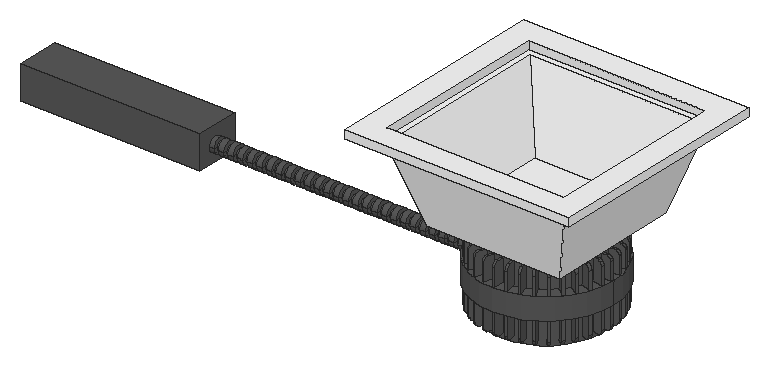
Revit family "LBRP-M-LSHL-6SQD", category Lighting Fixtures, host Face, Revit 2021
Family settings
  Host = Face
  Round Connector Dimension = Use Diameter
  Part Type = Normal
  OmniClass Number = 23.80.70.11.14.17
  OmniClass Title = Direct/Indirect
  Cut with Voids When Loaded = No
  Light Source = Yes
  Shared = Yes
  Room Calculation Point = No
Parameters (values of type "LBRP-M-LSHL-6SQD")
  Heat Sink = Black
  A = 5.65"
  Wattage = 31.6 W
  Warranty = "5-Years Warranty"
  built-in parameter 1150110 = 1 (stored number, unit not read)
  Voltage = 120 V
  D = 6.09"
  C = 0.20"
  built-in parameter 1114217 = 1 (stored number, unit not read)
  Tilt Angle = -90.00°
  built-in parameter 1150109 = 1 (stored number, unit not read)
  built-in parameter 1150134 = (empty or 0)
  built-in parameter 1150113 = 1 (stored number, unit not read)
  Product Documentation Link = ""
  Power Factor = 0.9
  Photometric Web Link = ""
  Photometric Web File = "LBRP-M-LSHL30K9_LBRP-6SQD-T-D_3000lm.ies"
  Photometric Notes = "More IES files download on Photometric Web Link"  # constant formula
  zz Length 1 = 48.00"
  Wattage Comments = " 9.6 - 55 W"  # constant formula
  URL = "https://www.currentlighting.com/prescolite"
  Product Page URL = ""
  Model = "LBRP-M-LSHL-6SQD"  # constant formula
  Manufacturer = "Prescolite Lighting"  # constant formula
  built-in parameter 1150105 = 251.46 (stored number, unit not read)
  Lumens = 3160 lm
  built-in parameter 1150115 = 1 (stored number, unit not read)
  Load Classification = Lighting
  built-in parameter 1150137 = (empty or 0)
  built-in parameter 1150139 = (empty or 0)
  built-in parameter 1150112 = 1 (stored number, unit not read)
  built-in parameter 1150114 = 1 (stored number, unit not read)
  Lamp = "LED's"  # constant formula
  built-in parameter 1150132 = (empty or 0)
  built-in parameter 1150102 = (empty or 0)
  built-in parameter 1150107 = 3000 (stored number, unit not read)
  built-in parameter 1150138 = (empty or 0)
  built-in parameter 1150106 = 2.5146 (stored number, unit not read)
  Glass = White Glass
  built-in parameter 1150104 = 9.2903 (stored number, unit not read)
  Dimming Lamp Color Temperature Shift = <None>
  Description = "PRO CANLESS DIRECT INSTALL DOWNLIGHT\r"  # constant formula
  Default Elevation = 48.00"
  Contact Us = ""
  Color Filter = 16777215
  built-in parameter 1114218 = 1 (stored number, unit not read)
  Housing Material = Paint - Matte White
  B = 7.50"
  built-in parameter 1150133 = 10 (stored number, unit not read)
  Assembly Code = "D5020200"
  Apparent Load = 11.5 VA
Reference planes (in)
  plane 1 "Center (Front/Back)": y = 13.01342
  plane 2: z = 0
  plane 3 "Center (Left/Right)": x = 0
  plane 4: z = 0.44
  plane 5: z = -5.65
  plane 6: y = 16.87342
  plane 7: y = 9.15342
  plane 8: x = -3.86
  plane 9: x = 3.86
  plane 10: x = -3.05
  plane 11: x = 3.05
  plane 12: y = 16.06342
  plane 13: y = 9.96342
Forms (in)
  Revolve 1, solid, material "Black" <- "Heat Sink"
    sketch origin (0, 13.01342, 0) x (1, 0, 0) y (0, 0, 1)
      loop
        line (1.91208, -2.84783) -> (0.86374, -2.84783) -> (0, -2.84783) -> (0, -5.65) -> (1.91208, -5.65) -> (1.91208, -4.66486) -> (2.31833, -4.66486) -> (2.31833, -3.91486) -> (1.91208, -3.91486) -> (1.91208, -2.84783)
      axis (0, -2.84783) -> (0, -5.65)
    angle from 0 to 360
  Extrusion 2, solid, material "Black" <- "Heat Sink"
    sketch origin (-0.23437, 13.01342, 0) x (1, 0, 0) y (0, 0, 1)
      loop
        line (2.13083, -3.91486) -> (2.50583, -3.91486) -> (2.50583, -3.32939)
        arc (2.50583, -3.32939) -> (2.45764, -3.21305) -> (2.3413, -3.16486) r 0.16453
        line (2.3413, -3.16486) -> (2.13083, -3.16486) -> (2.13083, -3.91486)
      loop
        line (2.13083, -4.66434) -> (2.13083, -5.47684) -> (2.3413, -5.47684)
        arc (2.3413, -5.47684) -> (2.45764, -5.42865) -> (2.50583, -5.31231) r 0.16453
        line (2.50583, -5.31231) -> (2.50583, -4.66434) -> (2.13083, -4.66434)
    from -0.0248 to 0.04965
  Revolve 3, solid, material "Black" <- "Heat Sink"
    sketch origin (1.75, 0, -4.5) x (1, 0, 0) y (0, 1, 0)
      loop
        line (-13.15674, 13.01342) -> (-3.63494, 13.01342) -> (-3.63494, 13.16148) -> (-3.73144, 13.16148) -> (-3.73144, 13.26342) -> (-3.9192, 13.26342) -> (-3.9192, 13.16148) -> (-4.06136, 13.16148) -> (-4.06136, 13.26342) -> (-4.24911, 13.26342) -> (-4.24911, 13.16148) -> (-4.39127, 13.16148) -> (-4.39127, 13.26342) -> (-4.57902, 13.26342) -> (-4.57902, 13.16148) -> (-4.72118, 13.16148) -> (-4.72118, 13.26342) -> (-4.90894, 13.26342) -> (-4.90894, 13.16148) -> (-5.05109, 13.16148) -> (-5.05109, 13.26342) -> (-5.23885, 13.26342) -> (-5.23885, 13.16148) -> (-5.38101, 13.16148) -> (-5.38101, 13.26342) -> (-5.56876, 13.26342) -> (-5.56876, 13.16148) -> (-5.71092, 13.16148) -> (-5.71092, 13.26342) -> (-5.89867, 13.26342) -> (-5.89867, 13.16148) -> (-6.04083, 13.16148) -> (-6.04083, 13.26342) -> (-6.22859, 13.26342) -> (-6.22859, 13.16148) -> (-6.37074, 13.16148) -> (-6.37074, 13.26342) -> (-6.5585, 13.26342) -> (-6.5585, 13.16148) -> (-6.70065, 13.16148) -> (-6.70065, 13.26342) -> (-6.88841, 13.26342) -> (-6.88841, 13.16148) -> (-7.03057, 13.16148) -> (-7.03057, 13.26342) -> (-7.21832, 13.26342) -> (-7.21832, 13.16148) -> (-7.36048, 13.16148) -> (-7.36048, 13.26342) -> (-7.54823, 13.26342) -> (-7.54823, 13.16148) -> (-7.69039, 13.16148) -> (-7.69039, 13.26342) -> (-7.87815, 13.26342) -> (-7.87815, 13.16148) -> (-8.0203, 13.16148) -> (-8.0203, 13.26342) -> (-8.20806, 13.26342) -> (-8.20806, 13.16148) -> (-8.35021, 13.16148) -> (-8.35021, 13.26342) -> (-8.53797, 13.26342) -> (-8.53797, 13.16148) -> (-8.68013, 13.16148) -> (-8.68013, 13.26342) -> (-8.86788, 13.26342) -> (-8.86788, 13.16148) -> (-9.01004, 13.16148) -> (-9.01004, 13.26342) -> (-9.19779, 13.26342) -> (-9.19779, 13.16148) -> (-9.33995, 13.16148) -> (-9.33995, 13.26342) -> (-9.52771, 13.26342) -> (-9.52771, 13.16148) -> (-9.66986, 13.16148) -> (-9.66986, 13.26342) -> (-9.85762, 13.26342) -> (-9.85762, 13.16148) -> (-9.99977, 13.16148) -> (-9.99977, 13.26342) -> (-10.18753, 13.26342) -> (-10.18753, 13.16148) -> (-10.32969, 13.16148) -> (-10.32969, 13.26342) -> (-10.51744, 13.26342) -> (-10.51744, 13.16148) -> (-10.6596, 13.16148) -> (-10.6596, 13.26342) -> (-10.84735, 13.26342) -> (-10.84735, 13.16148) -> (-10.98951, 13.16148) -> (-10.98951, 13.26342) -> (-11.17727, 13.26342) -> (-11.17727, 13.16148) -> (-11.31942, 13.16148) -> (-11.31942, 13.26342) -> (-11.50718, 13.26342) -> (-11.50718, 13.16148) -> (-11.64933, 13.16148) -> (-11.64933, 13.26342) -> (-11.83709, 13.26342) -> (-11.83709, 13.16148) -> (-11.97925, 13.16148) -> (-11.97925, 13.26342) -> (-12.167, 13.26342) -> (-12.167, 13.16148) -> (-12.30916, 13.16148) -> (-12.30916, 13.26342) -> (-12.49691, 13.26342) -> (-12.49691, 13.16148) -> (-12.63907, 13.16148) -> (-12.63907, 13.26342) -> (-12.82683, 13.26342) -> (-12.82683, 13.16148) -> (-12.96898, 13.16148) -> (-12.96898, 13.26342) -> (-13.15674, 13.26342) -> (-13.15674, 13.01342)
      axis (-3.63494, 13.01342) -> (-13.15674, 13.01342)
    angle from 0 to 360
  Extrusion 4, solid, material "Black" <- "Heat Sink"
    sketch origin (1.80079, 0, -5.07) x (1, 0, 0) y (0, 1, 0)
      loop
        line (-13.20752, 13.86765) -> (-19.37752, 13.86765) -> (-19.37752, 12.36765) -> (-13.20752, 12.36765) -> (-13.20752, 13.86765)
    from 0 to 1.14
  Extrusion 5, solid, material "Paint - Matte White"
    sketch origin (0, 0, 0) x (1, 0, 0) y (0, 1, 0)
      loop
        line (-3.86, 16.87342) -> (-3.86, 9.15342) -> (3.86, 9.15342) -> (3.86, 16.87342) -> (-3.86, 16.87342)
      loop
        line (-3.05, 16.06342) -> (-3.05, 9.96342) -> (3.05, 9.96342) -> (3.05, 16.06342) -> (-3.05, 16.06342)
    from 0 to 0.2516
  Extrusion 6, solid, material "Paint - Matte White"
    sketch origin (0, 0, 0) x (1, 0, 0) y (0, 1, 0)
      loop
        line (-3.05, 16.06342) -> (-3.05, 9.96342) -> (3.05, 9.96342) -> (3.05, 16.06342) -> (-3.05, 16.06342)
      loop
        line (-3.15, 16.16342) -> (-3.15, 9.86342) -> (3.15, 9.86342) -> (3.15, 16.16342) -> (-3.15, 16.16342)
    from 0.2516 to -0.40324
  Blend 7, solid, material "Paint - Matte White" <- "Housing Material"
    base sketch origin (0, 0, 0) x (1, 0, 0) y (0, 1, 0)
      loop
        line (-3.15, 16.16342) -> (-3.15, 9.86342) -> (3.15, 9.86342) -> (3.15, 16.16342) -> (-3.15, 16.16342)
    top sketch origin (0, 0, 0) x (1, 0, 0) y (0, 1, 0)
      loop
        line (-2.2841, 15.29162) -> (-2.2841, 10.72701) -> (2.2805, 10.72701) -> (2.2805, 15.29162) -> (-2.2841, 15.29162)
    from 0 to -2.84783
  Blend 8, void
    base sketch origin (0, 0, 0) x (1, 0, 0) y (0, 1, 0)
      loop
        line (-2.913, 15.92642) -> (-2.913, 10.14826) -> (2.86516, 10.14826) -> (2.86516, 15.92642) -> (-2.913, 15.92642)
    top sketch origin (0, 0, 0) x (1, 0, 0) y (0, 1, 0)
      loop
        line (1.89378, 11.11964) -> (1.89378, 14.9072) -> (-1.89378, 14.9072) -> (-1.89378, 11.11964) -> (1.89378, 11.11964)
    from 0.2516 to -2.44837
  Extrusion 9, solid, material "Black" <- "Heat Sink"
    sketch origin (-0.22921, 12.97273, 0) x (0.984808, 0.173648, 0) y (0, 0, 1)
      loop
        line (2.13083, -3.91486) -> (2.50583, -3.91486) -> (2.50583, -3.32939)
        arc (2.50583, -3.32939) -> (2.45764, -3.21305) -> (2.3413, -3.16486) r 0.16453
        line (2.3413, -3.16486) -> (2.13083, -3.16486) -> (2.13083, -3.91486)
      loop
        line (2.13083, -4.66434) -> (2.13083, -5.47684) -> (2.3413, -5.47684)
        arc (2.3413, -5.47684) -> (2.45764, -5.42865) -> (2.50583, -5.31231) r 0.16453
        line (2.50583, -5.31231) -> (2.50583, -4.66434) -> (2.13083, -4.66434)
    from -0.0248 to 0.04965
  Extrusion 10, solid, material "Black" <- "Heat Sink"
    sketch origin (-0.22027, 12.93309, 0) x (0.939693, 0.34202, 0) y (0, 0, 1)
      loop
        line (2.13083, -3.91486) -> (2.50583, -3.91486) -> (2.50583, -3.32939)
        arc (2.50583, -3.32939) -> (2.45764, -3.21305) -> (2.3413, -3.16486) r 0.16453
        line (2.3413, -3.16486) -> (2.13083, -3.16486) -> (2.13083, -3.91486)
      loop
        line (2.13083, -4.66434) -> (2.13083, -5.47684) -> (2.3413, -5.47684)
        arc (2.3413, -5.47684) -> (2.45764, -5.42865) -> (2.50583, -5.31231) r 0.16453
        line (2.50583, -5.31231) -> (2.50583, -4.66434) -> (2.13083, -4.66434)
    from -0.0248 to 0.04965
  Extrusion 11, solid, material "Black" <- "Heat Sink"
    sketch origin (-0.2015, 12.89662, 0) x (0.866025, 0.5, 0) y (0, 0, 1)
      loop
        line (2.13083, -3.91486) -> (2.50583, -3.91486) -> (2.50583, -3.32939)
        arc (2.50583, -3.32939) -> (2.45764, -3.21305) -> (2.3413, -3.16486) r 0.16453
        line (2.3413, -3.16486) -> (2.13083, -3.16486) -> (2.13083, -3.91486)
      loop
        line (2.13083, -4.66434) -> (2.13083, -5.47684) -> (2.3413, -5.47684)
        arc (2.3413, -5.47684) -> (2.45764, -5.42865) -> (2.50583, -5.31231) r 0.16453
        line (2.50583, -5.31231) -> (2.50583, -4.66434) -> (2.13083, -4.66434)
    from -0.0248 to 0.04965
  Extrusion 12, solid, material "Black" <- "Heat Sink"
    sketch origin (-0.18281, 12.8714, 0) x (0.766044, 0.642788, 0) y (0, 0, 1)
      loop
        line (2.13083, -3.91486) -> (2.50583, -3.91486) -> (2.50583, -3.32939)
        arc (2.50583, -3.32939) -> (2.45764, -3.21305) -> (2.3413, -3.16486) r 0.16453
        line (2.3413, -3.16486) -> (2.13083, -3.16486) -> (2.13083, -3.91486)
      loop
        line (2.13083, -4.66434) -> (2.13083, -5.47684) -> (2.3413, -5.47684)
        arc (2.3413, -5.47684) -> (2.45764, -5.42865) -> (2.50583, -5.31231) r 0.16453
        line (2.50583, -5.31231) -> (2.50583, -4.66434) -> (2.13083, -4.66434)
    from -0.0248 to 0.04965
  Extrusion 13, solid, material "Black" <- "Heat Sink"
    sketch origin (-0.1527, 12.84355, 0) x (0.642788, 0.766044, 0) y (0, 0, 1)
      loop
        line (2.13083, -3.91486) -> (2.50583, -3.91486) -> (2.50583, -3.32939)
        arc (2.50583, -3.32939) -> (2.45764, -3.21305) -> (2.3413, -3.16486) r 0.16453
        line (2.3413, -3.16486) -> (2.13083, -3.16486) -> (2.13083, -3.91486)
      loop
        line (2.13083, -4.66434) -> (2.13083, -5.47684) -> (2.3413, -5.47684)
        arc (2.3413, -5.47684) -> (2.45764, -5.42865) -> (2.50583, -5.31231) r 0.16453
        line (2.50583, -5.31231) -> (2.50583, -4.66434) -> (2.13083, -4.66434)
    from -0.0248 to 0.04965
  Extrusion 14, solid, material "Black" <- "Heat Sink"
    sketch origin (-0.12036, 12.81893, 0) x (0.5, 0.866025, 0) y (0, 0, 1)
      loop
        line (2.13083, -3.91486) -> (2.50583, -3.91486) -> (2.50583, -3.32939)
        arc (2.50583, -3.32939) -> (2.45764, -3.21305) -> (2.3413, -3.16486) r 0.16453
        line (2.3413, -3.16486) -> (2.13083, -3.16486) -> (2.13083, -3.91486)
      loop
        line (2.13083, -4.66434) -> (2.13083, -5.47684) -> (2.3413, -5.47684)
        arc (2.3413, -5.47684) -> (2.45764, -5.42865) -> (2.50583, -5.31231) r 0.16453
        line (2.50583, -5.31231) -> (2.50583, -4.66434) -> (2.13083, -4.66434)
    from -0.0248 to 0.04965
  Extrusion 15, solid, material "Black" <- "Heat Sink"
    sketch origin (-0.08254, 12.80306, 0) x (0.34202, 0.939693, 0) y (0, 0, 1)
      loop
        line (2.13083, -3.91486) -> (2.50583, -3.91486) -> (2.50583, -3.32939)
        arc (2.50583, -3.32939) -> (2.45764, -3.21305) -> (2.3413, -3.16486) r 0.16453
        line (2.3413, -3.16486) -> (2.13083, -3.16486) -> (2.13083, -3.91486)
      loop
        line (2.13083, -4.66434) -> (2.13083, -5.47684) -> (2.3413, -5.47684)
        arc (2.3413, -5.47684) -> (2.45764, -5.42865) -> (2.50583, -5.31231) r 0.16453
        line (2.50583, -5.31231) -> (2.50583, -4.66434) -> (2.13083, -4.66434)
    from -0.0248 to 0.04965
  Extrusion 16, solid, material "Black" <- "Heat Sink"
    sketch origin (-0.0336, 12.78777, 0) x (0.173648, 0.984808, 0) y (0, 0, 1)
      loop
        line (2.13083, -3.91486) -> (2.50583, -3.91486) -> (2.50583, -3.32939)
        arc (2.50583, -3.32939) -> (2.45764, -3.21305) -> (2.3413, -3.16486) r 0.16453
        line (2.3413, -3.16486) -> (2.13083, -3.16486) -> (2.13083, -3.91486)
      loop
        line (2.13083, -4.66434) -> (2.13083, -5.47684) -> (2.3413, -5.47684)
        arc (2.3413, -5.47684) -> (2.45764, -5.42865) -> (2.50583, -5.31231) r 0.16453
        line (2.50583, -5.31231) -> (2.50583, -4.66434) -> (2.13083, -4.66434)
    from -0.0248 to 0.04965
  Extrusion 17, solid, material "Black" <- "Heat Sink"
    sketch origin (0.00737, 12.78579, 0) x (0, 1, 0) y (0, 0, 1)
      loop
        line (2.13083, -3.91486) -> (2.50583, -3.91486) -> (2.50583, -3.32939)
        arc (2.50583, -3.32939) -> (2.45764, -3.21305) -> (2.3413, -3.16486) r 0.16453
        line (2.3413, -3.16486) -> (2.13083, -3.16486) -> (2.13083, -3.91486)
      loop
        line (2.13083, -4.66434) -> (2.13083, -5.47684) -> (2.3413, -5.47684)
        arc (2.3413, -5.47684) -> (2.45764, -5.42865) -> (2.50583, -5.31231) r 0.16453
        line (2.50583, -5.31231) -> (2.50583, -4.66434) -> (2.13083, -4.66434)
    from -0.0248 to 0.04965
  Extrusion 18, solid, material "Black" <- "Heat Sink"
    sketch origin (0.04796, 12.78771, 0) x (-0.173648, 0.984808, 0) y (0, 0, 1)
      loop
        line (2.13083, -3.91486) -> (2.50583, -3.91486) -> (2.50583, -3.32939)
        arc (2.50583, -3.32939) -> (2.45764, -3.21305) -> (2.3413, -3.16486) r 0.16453
        line (2.3413, -3.16486) -> (2.13083, -3.16486) -> (2.13083, -3.91486)
      loop
        line (2.13083, -4.66434) -> (2.13083, -5.47684) -> (2.3413, -5.47684)
        arc (2.3413, -5.47684) -> (2.45764, -5.42865) -> (2.50583, -5.31231) r 0.16453
        line (2.50583, -5.31231) -> (2.50583, -4.66434) -> (2.13083, -4.66434)
    from -0.0248 to 0.04965
  Extrusion 19, solid, material "Black" <- "Heat Sink"
    sketch origin (0.08714, 12.79986, 0) x (-0.34202, 0.939693, 0) y (0, 0, 1)
      loop
        line (2.13083, -3.91486) -> (2.50583, -3.91486) -> (2.50583, -3.32939)
        arc (2.50583, -3.32939) -> (2.45764, -3.21305) -> (2.3413, -3.16486) r 0.16453
        line (2.3413, -3.16486) -> (2.13083, -3.16486) -> (2.13083, -3.91486)
      loop
        line (2.13083, -4.66434) -> (2.13083, -5.47684) -> (2.3413, -5.47684)
        arc (2.3413, -5.47684) -> (2.45764, -5.42865) -> (2.50583, -5.31231) r 0.16453
        line (2.50583, -5.31231) -> (2.50583, -4.66434) -> (2.13083, -4.66434)
    from -0.0248 to 0.04965
  Extrusion 20, solid, material "Black" <- "Heat Sink"
    sketch origin (0.11522, 12.81389, 0) x (-0.5, 0.866025, 0) y (0, 0, 1)
      loop
        line (2.13083, -3.91486) -> (2.50583, -3.91486) -> (2.50583, -3.32939)
        arc (2.50583, -3.32939) -> (2.45764, -3.21305) -> (2.3413, -3.16486) r 0.16453
        line (2.3413, -3.16486) -> (2.13083, -3.16486) -> (2.13083, -3.91486)
      loop
        line (2.13083, -4.66434) -> (2.13083, -5.47684) -> (2.3413, -5.47684)
        arc (2.3413, -5.47684) -> (2.45764, -5.42865) -> (2.50583, -5.31231) r 0.16453
        line (2.50583, -5.31231) -> (2.50583, -4.66434) -> (2.13083, -4.66434)
    from -0.0248 to 0.04965
  Extrusion 21, solid, material "Black" <- "Heat Sink"
    sketch origin (0.14787, 12.83871, 0) x (-0.642788, 0.766044, 0) y (0, 0, 1)
      loop
        line (2.13083, -3.91486) -> (2.50583, -3.91486) -> (2.50583, -3.32939)
        arc (2.50583, -3.32939) -> (2.45764, -3.21305) -> (2.3413, -3.16486) r 0.16453
        line (2.3413, -3.16486) -> (2.13083, -3.16486) -> (2.13083, -3.91486)
      loop
        line (2.13083, -4.66434) -> (2.13083, -5.47684) -> (2.3413, -5.47684)
        arc (2.3413, -5.47684) -> (2.45764, -5.42865) -> (2.50583, -5.31231) r 0.16453
        line (2.50583, -5.31231) -> (2.50583, -4.66434) -> (2.13083, -4.66434)
    from -0.0248 to 0.04965
  Extrusion 22, solid, material "Black" <- "Heat Sink"
    sketch origin (0.17774, 12.86628, 0) x (-0.766044, 0.642788, 0) y (0, 0, 1)
      loop
        line (2.13083, -3.91486) -> (2.50583, -3.91486) -> (2.50583, -3.32939)
        arc (2.50583, -3.32939) -> (2.45764, -3.21305) -> (2.3413, -3.16486) r 0.16453
        line (2.3413, -3.16486) -> (2.13083, -3.16486) -> (2.13083, -3.91486)
      loop
        line (2.13083, -4.66434) -> (2.13083, -5.47684) -> (2.3413, -5.47684)
        arc (2.3413, -5.47684) -> (2.45764, -5.42865) -> (2.50583, -5.31231) r 0.16453
        line (2.50583, -5.31231) -> (2.50583, -4.66434) -> (2.13083, -4.66434)
    from -0.0248 to 0.04965
  Extrusion 23, solid, material "Black" <- "Heat Sink"
    sketch origin (0.19993, 12.90077, 0) x (-0.866025, 0.5, 0) y (0, 0, 1)
      loop
        line (2.13083, -3.91486) -> (2.50583, -3.91486) -> (2.50583, -3.32939)
        arc (2.50583, -3.32939) -> (2.45764, -3.21305) -> (2.3413, -3.16486) r 0.16453
        line (2.3413, -3.16486) -> (2.13083, -3.16486) -> (2.13083, -3.91486)
      loop
        line (2.13083, -4.66434) -> (2.13083, -5.47684) -> (2.3413, -5.47684)
        arc (2.3413, -5.47684) -> (2.45764, -5.42865) -> (2.50583, -5.31231) r 0.16453
        line (2.50583, -5.31231) -> (2.50583, -4.66434) -> (2.13083, -4.66434)
    from -0.0248 to 0.04965
  Extrusion 24, solid, material "Black" <- "Heat Sink"
    sketch origin (0.25057, 12.94154, 0) x (-0.939693, 0.34202, 0) y (0, 0, 1)
      loop
        line (2.13083, -3.91486) -> (2.50583, -3.91486) -> (2.50583, -3.32939)
        arc (2.50583, -3.32939) -> (2.45764, -3.21305) -> (2.3413, -3.16486) r 0.16453
        line (2.3413, -3.16486) -> (2.13083, -3.16486) -> (2.13083, -3.91486)
      loop
        line (2.13083, -4.66434) -> (2.13083, -5.47684) -> (2.3413, -5.47684)
        arc (2.3413, -5.47684) -> (2.45764, -5.42865) -> (2.50583, -5.31231) r 0.16453
        line (2.50583, -5.31231) -> (2.50583, -4.66434) -> (2.13083, -4.66434)
    from -0.0248 to 0.04965
  Extrusion 25, solid, material "Black" <- "Heat Sink"
    sketch origin (0.25964, 12.98154, 0) x (-0.984808, 0.173648, 0) y (0, 0, 1)
      loop
        line (2.13083, -3.91486) -> (2.50583, -3.91486) -> (2.50583, -3.32939)
        arc (2.50583, -3.32939) -> (2.45764, -3.21305) -> (2.3413, -3.16486) r 0.16453
        line (2.3413, -3.16486) -> (2.13083, -3.16486) -> (2.13083, -3.91486)
      loop
        line (2.13083, -4.66434) -> (2.13083, -5.47684) -> (2.3413, -5.47684)
        arc (2.3413, -5.47684) -> (2.45764, -5.42865) -> (2.50583, -5.31231) r 0.16453
        line (2.50583, -5.31231) -> (2.50583, -4.66434) -> (2.13083, -4.66434)
    from -0.0248 to 0.04965
  Extrusion 26, solid, material "Black" <- "Heat Sink"
    sketch origin (0.26479, 13.02185, 0) x (-1, 0, 0) y (0, 0, 1)
      loop
        line (2.13083, -3.91486) -> (2.50583, -3.91486) -> (2.50583, -3.32939)
        arc (2.50583, -3.32939) -> (2.45764, -3.21305) -> (2.3413, -3.16486) r 0.16453
        line (2.3413, -3.16486) -> (2.13083, -3.16486) -> (2.13083, -3.91486)
      loop
        line (2.13083, -4.66434) -> (2.13083, -5.47684) -> (2.3413, -5.47684)
        arc (2.3413, -5.47684) -> (2.45764, -5.42865) -> (2.50583, -5.31231) r 0.16453
        line (2.50583, -5.31231) -> (2.50583, -4.66434) -> (2.13083, -4.66434)
    from -0.0248 to 0.04965
  Extrusion 27, solid, material "Black" <- "Heat Sink"
    sketch origin (0.25963, 13.06254, 0) x (-0.984808, -0.173648, 0) y (0, 0, 1)
      loop
        line (2.13083, -3.91486) -> (2.50583, -3.91486) -> (2.50583, -3.32939)
        arc (2.50583, -3.32939) -> (2.45764, -3.21305) -> (2.3413, -3.16486) r 0.16453
        line (2.3413, -3.16486) -> (2.13083, -3.16486) -> (2.13083, -3.91486)
      loop
        line (2.13083, -4.66434) -> (2.13083, -5.47684) -> (2.3413, -5.47684)
        arc (2.3413, -5.47684) -> (2.45764, -5.42865) -> (2.50583, -5.31231) r 0.16453
        line (2.50583, -5.31231) -> (2.50583, -4.66434) -> (2.13083, -4.66434)
    from -0.0248 to 0.04965
  Extrusion 28, solid, material "Black" <- "Heat Sink"
    sketch origin (0.25069, 13.09263, 0) x (-0.939693, -0.34202, 0) y (0, 0, 1)
      loop
        line (2.13083, -3.91486) -> (2.50583, -3.91486) -> (2.50583, -3.32939)
        arc (2.50583, -3.32939) -> (2.45764, -3.21305) -> (2.3413, -3.16486) r 0.16453
        line (2.3413, -3.16486) -> (2.13083, -3.16486) -> (2.13083, -3.91486)
      loop
        line (2.13083, -4.66434) -> (2.13083, -5.47684) -> (2.3413, -5.47684)
        arc (2.3413, -5.47684) -> (2.45764, -5.42865) -> (2.50583, -5.31231) r 0.16453
        line (2.50583, -5.31231) -> (2.50583, -4.66434) -> (2.13083, -4.66434)
    from -0.0248 to 0.04965
  Extrusion 29, solid, material "Black" <- "Heat Sink"
    sketch origin (0.23192, 13.1291, 0) x (-0.866025, -0.5, 0) y (0, 0, 1)
      loop
        line (2.13083, -3.91486) -> (2.50583, -3.91486) -> (2.50583, -3.32939)
        arc (2.50583, -3.32939) -> (2.45764, -3.21305) -> (2.3413, -3.16486) r 0.16453
        line (2.3413, -3.16486) -> (2.13083, -3.16486) -> (2.13083, -3.91486)
      loop
        line (2.13083, -4.66434) -> (2.13083, -5.47684) -> (2.3413, -5.47684)
        arc (2.3413, -5.47684) -> (2.45764, -5.42865) -> (2.50583, -5.31231) r 0.16453
        line (2.50583, -5.31231) -> (2.50583, -4.66434) -> (2.13083, -4.66434)
    from -0.0248 to 0.04965
  Extrusion 30, solid, material "Black" <- "Heat Sink"
    sketch origin (0.20996, 13.1633, 0) x (-0.766044, -0.642788, 0) y (0, 0, 1)
      loop
        line (2.13083, -3.91486) -> (2.50583, -3.91486) -> (2.50583, -3.32939)
        arc (2.50583, -3.32939) -> (2.45764, -3.21305) -> (2.3413, -3.16486) r 0.16453
        line (2.3413, -3.16486) -> (2.13083, -3.16486) -> (2.13083, -3.91486)
      loop
        line (2.13083, -4.66434) -> (2.13083, -5.47684) -> (2.3413, -5.47684)
        arc (2.3413, -5.47684) -> (2.45764, -5.42865) -> (2.50583, -5.31231) r 0.16453
        line (2.50583, -5.31231) -> (2.50583, -4.66434) -> (2.13083, -4.66434)
    from -0.0248 to 0.04965
  Extrusion 31, solid, material "Black" <- "Heat Sink"
    sketch origin (0.17985, 13.19114, 0) x (-0.642788, -0.766044, 0) y (0, 0, 1)
      loop
        line (2.13083, -3.91486) -> (2.50583, -3.91486) -> (2.50583, -3.32939)
        arc (2.50583, -3.32939) -> (2.45764, -3.21305) -> (2.3413, -3.16486) r 0.16453
        line (2.3413, -3.16486) -> (2.13083, -3.16486) -> (2.13083, -3.91486)
      loop
        line (2.13083, -4.66434) -> (2.13083, -5.47684) -> (2.3413, -5.47684)
        arc (2.3413, -5.47684) -> (2.45764, -5.42865) -> (2.50583, -5.31231) r 0.16453
        line (2.50583, -5.31231) -> (2.50583, -4.66434) -> (2.13083, -4.66434)
    from -0.0248 to 0.04965
  Extrusion 32, solid, material "Black" <- "Heat Sink"
    sketch origin (0.13908, 13.22225, 0) x (-0.5, -0.866025, 0) y (0, 0, 1)
      loop
        line (2.13083, -3.91486) -> (2.50583, -3.91486) -> (2.50583, -3.32939)
        arc (2.50583, -3.32939) -> (2.45764, -3.21305) -> (2.3413, -3.16486) r 0.16453
        line (2.3413, -3.16486) -> (2.13083, -3.16486) -> (2.13083, -3.91486)
      loop
        line (2.13083, -4.66434) -> (2.13083, -5.47684) -> (2.3413, -5.47684)
        arc (2.3413, -5.47684) -> (2.45764, -5.42865) -> (2.50583, -5.31231) r 0.16453
        line (2.50583, -5.31231) -> (2.50583, -4.66434) -> (2.13083, -4.66434)
    from -0.0248 to 0.04965
  Extrusion 33, solid, material "Black" <- "Heat Sink"
    sketch origin (0.10126, 13.23812, 0) x (-0.34202, -0.939693, 0) y (0, 0, 1)
      loop
        line (2.13083, -3.91486) -> (2.50583, -3.91486) -> (2.50583, -3.32939)
        arc (2.50583, -3.32939) -> (2.45764, -3.21305) -> (2.3413, -3.16486) r 0.16453
        line (2.3413, -3.16486) -> (2.13083, -3.16486) -> (2.13083, -3.91486)
      loop
        line (2.13083, -4.66434) -> (2.13083, -5.47684) -> (2.3413, -5.47684)
        arc (2.3413, -5.47684) -> (2.45764, -5.42865) -> (2.50583, -5.31231) r 0.16453
        line (2.50583, -5.31231) -> (2.50583, -4.66434) -> (2.13083, -4.66434)
    from -0.0248 to 0.04965
  Extrusion 34, solid, material "Black" <- "Heat Sink"
    sketch origin (0.06246, 13.2502, 0) x (-0.173648, -0.984808, 0) y (0, 0, 1)
      loop
        line (2.13083, -3.91486) -> (2.50583, -3.91486) -> (2.50583, -3.32939)
        arc (2.50583, -3.32939) -> (2.45764, -3.21305) -> (2.3413, -3.16486) r 0.16453
        line (2.3413, -3.16486) -> (2.13083, -3.16486) -> (2.13083, -3.91486)
      loop
        line (2.13083, -4.66434) -> (2.13083, -5.47684) -> (2.3413, -5.47684)
        arc (2.3413, -5.47684) -> (2.45764, -5.42865) -> (2.50583, -5.31231) r 0.16453
        line (2.50583, -5.31231) -> (2.50583, -4.66434) -> (2.13083, -4.66434)
    from -0.0248 to 0.04965
  Extrusion 35, solid, material "Black" <- "Heat Sink"
    sketch origin (0.02149, 13.25218, 0) x (0, -1, 0) y (0, 0, 1)
      loop
        line (2.13083, -3.91486) -> (2.50583, -3.91486) -> (2.50583, -3.32939)
        arc (2.50583, -3.32939) -> (2.45764, -3.21305) -> (2.3413, -3.16486) r 0.16453
        line (2.3413, -3.16486) -> (2.13083, -3.16486) -> (2.13083, -3.91486)
      loop
        line (2.13083, -4.66434) -> (2.13083, -5.47684) -> (2.3413, -5.47684)
        arc (2.3413, -5.47684) -> (2.45764, -5.42865) -> (2.50583, -5.31231) r 0.16453
        line (2.50583, -5.31231) -> (2.50583, -4.66434) -> (2.13083, -4.66434)
    from -0.0248 to 0.04965
  Extrusion 36, solid, material "Black" <- "Heat Sink"
    sketch origin (-0.0097, 13.2486, 0) x (0.173648, -0.984808, 0) y (0, 0, 1)
      loop
        line (2.13083, -3.91486) -> (2.50583, -3.91486) -> (2.50583, -3.32939)
        arc (2.50583, -3.32939) -> (2.45764, -3.21305) -> (2.3413, -3.16486) r 0.16453
        line (2.3413, -3.16486) -> (2.13083, -3.16486) -> (2.13083, -3.91486)
      loop
        line (2.13083, -4.66434) -> (2.13083, -5.47684) -> (2.3413, -5.47684)
        arc (2.3413, -5.47684) -> (2.45764, -5.42865) -> (2.50583, -5.31231) r 0.16453
        line (2.50583, -5.31231) -> (2.50583, -4.66434) -> (2.13083, -4.66434)
    from -0.0248 to 0.04965
  Extrusion 37, solid, material "Black" <- "Heat Sink"
    sketch origin (-0.04887, 13.23645, 0) x (0.34202, -0.939693, 0) y (0, 0, 1)
      loop
        line (2.13083, -3.91486) -> (2.50583, -3.91486) -> (2.50583, -3.32939)
        arc (2.50583, -3.32939) -> (2.45764, -3.21305) -> (2.3413, -3.16486) r 0.16453
        line (2.3413, -3.16486) -> (2.13083, -3.16486) -> (2.13083, -3.91486)
      loop
        line (2.13083, -4.66434) -> (2.13083, -5.47684) -> (2.3413, -5.47684)
        arc (2.3413, -5.47684) -> (2.45764, -5.42865) -> (2.50583, -5.31231) r 0.16453
        line (2.50583, -5.31231) -> (2.50583, -4.66434) -> (2.13083, -4.66434)
    from -0.0248 to 0.04965
  Extrusion 38, solid, material "Black" <- "Heat Sink"
    sketch origin (-0.08636, 13.22076, 0) x (0.5, -0.866025, 0) y (0, 0, 1)
      loop
        line (2.13083, -3.91486) -> (2.50583, -3.91486) -> (2.50583, -3.32939)
        arc (2.50583, -3.32939) -> (2.45764, -3.21305) -> (2.3413, -3.16486) r 0.16453
        line (2.3413, -3.16486) -> (2.13083, -3.16486) -> (2.13083, -3.91486)
      loop
        line (2.13083, -4.66434) -> (2.13083, -5.47684) -> (2.3413, -5.47684)
        arc (2.3413, -5.47684) -> (2.45764, -5.42865) -> (2.50583, -5.31231) r 0.16453
        line (2.50583, -5.31231) -> (2.50583, -4.66434) -> (2.13083, -4.66434)
    from -0.0248 to 0.04965
  Extrusion 39, solid, material "Black" <- "Heat Sink"
    sketch origin (-0.11901, 13.19594, 0) x (0.642788, -0.766044, 0) y (0, 0, 1)
      loop
        line (2.13083, -3.91486) -> (2.50583, -3.91486) -> (2.50583, -3.32939)
        arc (2.50583, -3.32939) -> (2.45764, -3.21305) -> (2.3413, -3.16486) r 0.16453
        line (2.3413, -3.16486) -> (2.13083, -3.16486) -> (2.13083, -3.91486)
      loop
        line (2.13083, -4.66434) -> (2.13083, -5.47684) -> (2.3413, -5.47684)
        arc (2.3413, -5.47684) -> (2.45764, -5.42865) -> (2.50583, -5.31231) r 0.16453
        line (2.50583, -5.31231) -> (2.50583, -4.66434) -> (2.13083, -4.66434)
    from -0.0248 to 0.04965
  Extrusion 40, solid, material "Black" <- "Heat Sink"
    sketch origin (-0.22838, 13.06254, 0) x (0.984808, -0.173648, 0) y (0, 0, -1)
      loop
        line (2.13083, 3.91486) -> (2.13083, 3.16486) -> (2.3413, 3.16486)
        arc (2.3413, 3.16486) -> (2.45764, 3.21305) -> (2.50583, 3.32939) r 0.16453
        line (2.50583, 3.32939) -> (2.50583, 3.91486) -> (2.13083, 3.91486)
      loop
        line (2.13083, 4.66434) -> (2.50583, 4.66434) -> (2.50583, 5.31231)
        arc (2.50583, 5.31231) -> (2.45764, 5.42865) -> (2.3413, 5.47684) r 0.16453
        line (2.3413, 5.47684) -> (2.13083, 5.47684) -> (2.13083, 4.66434)
    from -0.0248 to 0.04965
  Extrusion 41, solid, material "Black" <- "Heat Sink"
    sketch origin (-0.21944, 13.07701, 0) x (0.939693, -0.34202, 0) y (0, 0, -1)
      loop
        line (2.13083, 3.91486) -> (2.13083, 3.16486) -> (2.3413, 3.16486)
        arc (2.3413, 3.16486) -> (2.45764, 3.21305) -> (2.50583, 3.32939) r 0.16453
        line (2.50583, 3.32939) -> (2.50583, 3.91486) -> (2.13083, 3.91486)
      loop
        line (2.13083, 4.66434) -> (2.50583, 4.66434) -> (2.50583, 5.31231)
        arc (2.50583, 5.31231) -> (2.45764, 5.42865) -> (2.3413, 5.47684) r 0.16453
        line (2.3413, 5.47684) -> (2.13083, 5.47684) -> (2.13083, 4.66434)
    from -0.0248 to 0.04965
  Extrusion 42, solid, material "Black" <- "Heat Sink"
    sketch origin (-0.21629, 13.11347, 0) x (0.866025, -0.5, 0) y (0, 0, -1)
      loop
        line (2.13083, 3.91486) -> (2.13083, 3.16486) -> (2.3413, 3.16486)
        arc (2.3413, 3.16486) -> (2.45764, 3.21305) -> (2.50583, 3.32939) r 0.16453
        line (2.50583, 3.32939) -> (2.50583, 3.91486) -> (2.13083, 3.91486)
      loop
        line (2.13083, 4.66434) -> (2.50583, 4.66434) -> (2.50583, 5.31231)
        arc (2.50583, 5.31231) -> (2.45764, 5.42865) -> (2.3413, 5.47684) r 0.16453
        line (2.3413, 5.47684) -> (2.13083, 5.47684) -> (2.13083, 4.66434)
    from -0.0248 to 0.04965
  Extrusion 43, solid, material "Black" <- "Heat Sink"
    sketch origin (-0.17871, 13.14767, 0) x (0.766044, -0.642788, 0) y (0, 0, -1)
      loop
        line (2.13083, 3.91486) -> (2.13083, 3.16486) -> (2.3413, 3.16486)
        arc (2.3413, 3.16486) -> (2.45764, 3.21305) -> (2.50583, 3.32939) r 0.16453
        line (2.50583, 3.32939) -> (2.50583, 3.91486) -> (2.13083, 3.91486)
      loop
        line (2.13083, 4.66434) -> (2.50583, 4.66434) -> (2.50583, 5.31231)
        arc (2.50583, 5.31231) -> (2.45764, 5.42865) -> (2.3413, 5.47684) r 0.16453
        line (2.3413, 5.47684) -> (2.13083, 5.47684) -> (2.13083, 4.66434)
    from -0.0248 to 0.04965
Cuts and joins
  Blend 8 cuts Blend 7
  joined: Extrusion 5, Extrusion 6
Dimensions and locks (in)
  "D": plane 4 to plane 5
  plane 4 to plane 2 = 0.44"
  aligned and locked: plane 2 to host face
  aligned and locked: level to host face
  aligned and locked: plane 3 "Center (Left/Right)" to imposter light
Automatic sketch dimensions
  host sketch curve to host sketch curve = 96.00"  (x2)
  Revolve 1 sketch curve to plane 3 "Center (Left/Right)" = 0.00"  (x2)
  Revolve 1 sketch curve to plane 5 = 0.00"
  plane 3 "Center (Left/Right)" to Revolve 1 sketch curve = 0.86374"
  Revolve 1 sketch curve to plane 11 = 1.13792"  (x2)
  Revolve 1 sketch curve to Revolve 1 sketch curve = 0.40625"
  Revolve 1 sketch curve to Revolve 1 sketch curve = 0.98514"
  Revolve 1 sketch curve to Revolve 1 sketch curve = 0.75"
  Revolve 1 sketch curve to Revolve 1 sketch curve = 1.06703"
  Revolve 1 sketch curve to plane 5 = 18.85"
  plane 4 to Revolve 1 sketch curve = 55.32668"
  Extrusion 2 sketch curve to plane 11 = 1.15355"
  Extrusion 2 sketch curve to Extrusion 2 sketch curve = 0.00"
  Extrusion 2 sketch curve to Extrusion 2 sketch curve = 0.21047"  (x2)
  Extrusion 2 sketch curve to Extrusion 2 sketch curve = 0.16453"
  Extrusion 2 sketch curve to Extrusion 2 sketch curve = 0.375"
  plane 5 to Extrusion 2 sketch curve = 0.17316"
  Extrusion 2 sketch curve to Extrusion 2 sketch curve = 0.64797"
  Extrusion 2 sketch curve to Extrusion 2 sketch curve = 0.74948"
  Extrusion 2 sketch curve to Extrusion 2 sketch curve = 0.58547"
  plane 1 "Center (Front/Back)" to Revolve 3 sketch curve = 0.00"  (x2)
  Revolve 3 sketch curve to plane 8 = 7.54674"
  Revolve 3 sketch curve to Revolve 3 sketch curve = 0.18776"  (x27)
  Revolve 3 sketch curve to Revolve 3 sketch curve = 0.14216"  (x26)
  Revolve 3 sketch curve to plane 8 = 0.10092"
  plane 8 to Revolve 3 sketch curve = 0.04124"
  Revolve 3 sketch curve to plane 10 = 0.10894"
  plane 10 to Revolve 3 sketch curve = 0.07882"
  Revolve 3 sketch curve to Revolve 3 sketch curve = 0.09651"
  Revolve 3 sketch curve to plane 1 "Center (Front/Back)" = 0.14806"  (x29)
  Revolve 3 sketch curve to Revolve 3 sketch curve = 0.10194"  (x29)
  Revolve 3 sketch curve to Revolve 3 sketch curve = 0.00"
  Revolve 3 sketch curve to Revolve 3 sketch curve = 0.0218"
  Extrusion 4 sketch curve to plane 1 "Center (Front/Back)" = 0.85423"
  Extrusion 4 sketch curve to plane 8 = 13.71674"
  plane 1 "Center (Front/Back)" to Extrusion 4 sketch curve = 0.64577"
  Extrusion 4 sketch curve to Extrusion 4 sketch curve = 6.17"
  plane 7 to Extrusion 5 sketch curve = 0.00"
  Extrusion 5 sketch curve to plane 8 = 0.00"
  Extrusion 5 sketch curve to plane 10 = 0.00"
  Extrusion 5 sketch curve to plane 11 = 0.00"
  plane 6 to Extrusion 5 sketch curve = 0.00"
  Extrusion 5 sketch curve to plane 9 = 0.00"
  plane 13 to Extrusion 5 sketch curve = 0.00"
  plane 12 to Extrusion 5 sketch curve = 0.00"
  Extrusion 6 sketch curve to plane 10 = 0.00"
  Extrusion 6 sketch curve to plane 11 = 0.00"
  plane 13 to Extrusion 6 sketch curve = 0.00"
  plane 12 to Extrusion 6 sketch curve = 0.00"
  Extrusion 6 sketch curve to plane 10 = 0.10"
  plane 11 to Extrusion 6 sketch curve = 0.10"
  plane 13 to Extrusion 6 sketch curve = 0.10"
  Extrusion 6 sketch curve to plane 12 = 0.10"
  Blend 7 sketch curve to plane 10 = 0.10"
  plane 11 to Blend 7 sketch curve = 0.10"
  plane 13 to Blend 7 sketch curve = 0.10"
  Blend 7 sketch curve to plane 12 = 0.10"
  plane 10 to Blend 8 sketch curve = 0.137"
  Blend 8 sketch curve to plane 11 = 0.18484"
  Blend 8 sketch curve to plane 13 = 0.18484"
  plane 12 to Blend 8 sketch curve = 0.137"
  plane 10 to Blend 8 sketch curve = 1.15622"
  Blend 8 sketch curve to plane 11 = 1.15622"
  Blend 8 sketch curve to plane 13 = 1.15622"
  plane 12 to Blend 8 sketch curve = 1.15622"
  plane 5 to Extrusion 9 sketch curve = 1.73514"
  Extrusion 9 sketch curve to Extrusion 9 sketch curve = 0.00"
  Extrusion 9 sketch curve to Extrusion 9 sketch curve = 0.21047"  (x2)
  Extrusion 9 sketch curve to Extrusion 9 sketch curve = 0.16453"
  Extrusion 9 sketch curve to Extrusion 9 sketch curve = 0.375"
  Extrusion 9 sketch curve to Extrusion 9 sketch curve = 0.74948"
  plane 5 to Extrusion 9 sketch curve = 0.33769"
  Extrusion 9 sketch curve to Extrusion 9 sketch curve = 0.58547"
  plane 5 to Extrusion 10 sketch curve = 1.73514"
  Extrusion 10 sketch curve to Extrusion 10 sketch curve = 0.00"
  Extrusion 10 sketch curve to Extrusion 10 sketch curve = 0.21047"  (x2)
  Extrusion 10 sketch curve to Extrusion 10 sketch curve = 0.16453"
  Extrusion 10 sketch curve to Extrusion 10 sketch curve = 0.375"
  Extrusion 10 sketch curve to Extrusion 10 sketch curve = 0.74948"
  plane 5 to Extrusion 10 sketch curve = 0.33769"
  Extrusion 10 sketch curve to Extrusion 10 sketch curve = 0.58547"
  plane 5 to Extrusion 11 sketch curve = 1.73514"
  Extrusion 11 sketch curve to Extrusion 11 sketch curve = 0.00"
  Extrusion 11 sketch curve to Extrusion 11 sketch curve = 0.21047"  (x2)
  Extrusion 11 sketch curve to Extrusion 11 sketch curve = 0.16453"
  Extrusion 11 sketch curve to Extrusion 11 sketch curve = 0.375"
  Extrusion 11 sketch curve to Extrusion 11 sketch curve = 0.74948"
  plane 5 to Extrusion 11 sketch curve = 0.33769"
  Extrusion 11 sketch curve to Extrusion 11 sketch curve = 0.58547"
  plane 5 to Extrusion 12 sketch curve = 1.73514"
  Extrusion 12 sketch curve to Extrusion 12 sketch curve = 0.00"
  Extrusion 12 sketch curve to Extrusion 12 sketch curve = 0.21047"  (x2)
  Extrusion 12 sketch curve to Extrusion 12 sketch curve = 0.16453"
  Extrusion 12 sketch curve to Extrusion 12 sketch curve = 0.375"
  Extrusion 12 sketch curve to Extrusion 12 sketch curve = 0.74948"
  plane 5 to Extrusion 12 sketch curve = 0.33769"
  Extrusion 12 sketch curve to Extrusion 12 sketch curve = 0.58547"
  plane 5 to Extrusion 13 sketch curve = 1.73514"
  Extrusion 13 sketch curve to Extrusion 13 sketch curve = 0.00"
  Extrusion 13 sketch curve to Extrusion 13 sketch curve = 0.21047"  (x2)
  Extrusion 13 sketch curve to Extrusion 13 sketch curve = 0.16453"
  Extrusion 13 sketch curve to Extrusion 13 sketch curve = 0.375"
  Extrusion 13 sketch curve to Extrusion 13 sketch curve = 0.74948"
  plane 5 to Extrusion 13 sketch curve = 0.33769"
  Extrusion 13 sketch curve to Extrusion 13 sketch curve = 0.58547"
  plane 5 to Extrusion 14 sketch curve = 1.73514"
  Extrusion 14 sketch curve to Extrusion 14 sketch curve = 0.00"
  Extrusion 14 sketch curve to Extrusion 14 sketch curve = 0.21047"  (x2)
  Extrusion 14 sketch curve to Extrusion 14 sketch curve = 0.16453"
  Extrusion 14 sketch curve to Extrusion 14 sketch curve = 0.375"
  Extrusion 14 sketch curve to Extrusion 14 sketch curve = 0.74948"
  plane 5 to Extrusion 14 sketch curve = 0.33769"
  Extrusion 14 sketch curve to Extrusion 14 sketch curve = 0.58547"
  plane 5 to Extrusion 15 sketch curve = 1.73514"
  Extrusion 15 sketch curve to Extrusion 15 sketch curve = 0.00"
  Extrusion 15 sketch curve to Extrusion 15 sketch curve = 0.21047"  (x2)
  Extrusion 15 sketch curve to Extrusion 15 sketch curve = 0.16453"
  Extrusion 15 sketch curve to Extrusion 15 sketch curve = 0.375"
  Extrusion 15 sketch curve to Extrusion 15 sketch curve = 0.74948"
  plane 5 to Extrusion 15 sketch curve = 0.33769"
  Extrusion 15 sketch curve to Extrusion 15 sketch curve = 0.58547"
  plane 5 to Extrusion 16 sketch curve = 1.73514"
  Extrusion 16 sketch curve to Extrusion 16 sketch curve = 0.00"
  Extrusion 16 sketch curve to Extrusion 16 sketch curve = 0.21047"  (x2)
  Extrusion 16 sketch curve to Extrusion 16 sketch curve = 0.16453"
  Extrusion 16 sketch curve to Extrusion 16 sketch curve = 0.375"
  Extrusion 16 sketch curve to Extrusion 16 sketch curve = 0.74948"
  plane 5 to Extrusion 16 sketch curve = 0.33769"
  Extrusion 16 sketch curve to Extrusion 16 sketch curve = 0.58547"
  plane 12 to Extrusion 17 sketch curve = 1.1468"
  Extrusion 17 sketch curve to Extrusion 17 sketch curve = 0.00"
  Extrusion 17 sketch curve to Extrusion 17 sketch curve = 0.21047"  (x2)
  Extrusion 17 sketch curve to Extrusion 17 sketch curve = 0.16453"
  Extrusion 17 sketch curve to Extrusion 17 sketch curve = 0.375"
  plane 5 to Extrusion 17 sketch curve = 0.17316"
  Extrusion 17 sketch curve to Extrusion 17 sketch curve = 0.64797"
  Extrusion 17 sketch curve to Extrusion 17 sketch curve = 0.74948"
  Extrusion 17 sketch curve to Extrusion 17 sketch curve = 0.58547"
  plane 5 to Extrusion 18 sketch curve = 1.73514"
  Extrusion 18 sketch curve to Extrusion 18 sketch curve = 0.00"
  Extrusion 18 sketch curve to Extrusion 18 sketch curve = 0.21047"  (x2)
  Extrusion 18 sketch curve to Extrusion 18 sketch curve = 0.16453"
  Extrusion 18 sketch curve to Extrusion 18 sketch curve = 0.375"
  Extrusion 18 sketch curve to Extrusion 18 sketch curve = 0.74948"
  plane 5 to Extrusion 18 sketch curve = 0.33769"
  Extrusion 18 sketch curve to Extrusion 18 sketch curve = 0.58547"
  plane 5 to Extrusion 19 sketch curve = 1.73514"
  Extrusion 19 sketch curve to Extrusion 19 sketch curve = 0.00"
  Extrusion 19 sketch curve to Extrusion 19 sketch curve = 0.21047"  (x2)
  Extrusion 19 sketch curve to Extrusion 19 sketch curve = 0.16453"
  Extrusion 19 sketch curve to Extrusion 19 sketch curve = 0.375"
  Extrusion 19 sketch curve to Extrusion 19 sketch curve = 0.74948"
  plane 5 to Extrusion 19 sketch curve = 0.33769"
  Extrusion 19 sketch curve to Extrusion 19 sketch curve = 0.58547"
  plane 5 to Extrusion 20 sketch curve = 1.73514"
  Extrusion 20 sketch curve to Extrusion 20 sketch curve = 0.00"
  Extrusion 20 sketch curve to Extrusion 20 sketch curve = 0.21047"  (x2)
  Extrusion 20 sketch curve to Extrusion 20 sketch curve = 0.16453"
  Extrusion 20 sketch curve to Extrusion 20 sketch curve = 0.375"
  Extrusion 20 sketch curve to Extrusion 20 sketch curve = 0.74948"
  plane 5 to Extrusion 20 sketch curve = 0.33769"
  Extrusion 20 sketch curve to Extrusion 20 sketch curve = 0.58547"
  plane 5 to Extrusion 21 sketch curve = 1.73514"
  Extrusion 21 sketch curve to Extrusion 21 sketch curve = 0.00"
  Extrusion 21 sketch curve to Extrusion 21 sketch curve = 0.21047"  (x2)
  Extrusion 21 sketch curve to Extrusion 21 sketch curve = 0.16453"
  Extrusion 21 sketch curve to Extrusion 21 sketch curve = 0.375"
  Extrusion 21 sketch curve to Extrusion 21 sketch curve = 0.74948"
  plane 5 to Extrusion 21 sketch curve = 0.33769"
  Extrusion 21 sketch curve to Extrusion 21 sketch curve = 0.58547"
  plane 5 to Extrusion 22 sketch curve = 1.73514"
  Extrusion 22 sketch curve to Extrusion 22 sketch curve = 0.00"
  Extrusion 22 sketch curve to Extrusion 22 sketch curve = 0.21047"  (x2)
  Extrusion 22 sketch curve to Extrusion 22 sketch curve = 0.16453"
  Extrusion 22 sketch curve to Extrusion 22 sketch curve = 0.375"
  Extrusion 22 sketch curve to Extrusion 22 sketch curve = 0.74948"
  plane 5 to Extrusion 22 sketch curve = 0.33769"
  Extrusion 22 sketch curve to Extrusion 22 sketch curve = 0.58547"
  plane 5 to Extrusion 23 sketch curve = 1.73514"
  Extrusion 23 sketch curve to Extrusion 23 sketch curve = 0.00"
  Extrusion 23 sketch curve to Extrusion 23 sketch curve = 0.21047"  (x2)
  Extrusion 23 sketch curve to Extrusion 23 sketch curve = 0.16453"
  Extrusion 23 sketch curve to Extrusion 23 sketch curve = 0.375"
  Extrusion 23 sketch curve to Extrusion 23 sketch curve = 0.74948"
  plane 5 to Extrusion 23 sketch curve = 0.33769"
  Extrusion 23 sketch curve to Extrusion 23 sketch curve = 0.58547"
  plane 5 to Extrusion 24 sketch curve = 1.73514"
  Extrusion 24 sketch curve to Extrusion 24 sketch curve = 0.00"
  Extrusion 24 sketch curve to Extrusion 24 sketch curve = 0.21047"  (x2)
  Extrusion 24 sketch curve to Extrusion 24 sketch curve = 0.16453"
  Extrusion 24 sketch curve to Extrusion 24 sketch curve = 0.375"
  Extrusion 24 sketch curve to Extrusion 24 sketch curve = 0.74948"
  plane 5 to Extrusion 24 sketch curve = 0.33769"
  Extrusion 24 sketch curve to Extrusion 24 sketch curve = 0.58547"
  plane 5 to Extrusion 25 sketch curve = 1.73514"
  Extrusion 25 sketch curve to Extrusion 25 sketch curve = 0.00"
  Extrusion 25 sketch curve to Extrusion 25 sketch curve = 0.21047"  (x2)
  Extrusion 25 sketch curve to Extrusion 25 sketch curve = 0.16453"
  Extrusion 25 sketch curve to Extrusion 25 sketch curve = 0.375"
  Extrusion 25 sketch curve to Extrusion 25 sketch curve = 0.74948"
  plane 5 to Extrusion 25 sketch curve = 0.33769"
  Extrusion 25 sketch curve to Extrusion 25 sketch curve = 0.58547"
  plane 10 to Extrusion 26 sketch curve = 1.18397"
  Extrusion 26 sketch curve to Extrusion 26 sketch curve = 0.00"
  Extrusion 26 sketch curve to Extrusion 26 sketch curve = 0.21047"  (x2)
  Extrusion 26 sketch curve to Extrusion 26 sketch curve = 0.16453"
  Extrusion 26 sketch curve to Extrusion 26 sketch curve = 0.375"
  plane 5 to Extrusion 26 sketch curve = 0.17316"
  Extrusion 26 sketch curve to Extrusion 26 sketch curve = 0.64797"
  Extrusion 26 sketch curve to Extrusion 26 sketch curve = 0.74948"
  Extrusion 26 sketch curve to Extrusion 26 sketch curve = 0.58547"
  plane 5 to Extrusion 27 sketch curve = 1.73514"
  Extrusion 27 sketch curve to Extrusion 27 sketch curve = 0.00"
  Extrusion 27 sketch curve to Extrusion 27 sketch curve = 0.21047"  (x2)
  Extrusion 27 sketch curve to Extrusion 27 sketch curve = 0.16453"
  Extrusion 27 sketch curve to Extrusion 27 sketch curve = 0.375"
  Extrusion 27 sketch curve to Extrusion 27 sketch curve = 0.74948"
  plane 5 to Extrusion 27 sketch curve = 0.33769"
  Extrusion 27 sketch curve to Extrusion 27 sketch curve = 0.58547"
  plane 5 to Extrusion 28 sketch curve = 1.73514"
  Extrusion 28 sketch curve to Extrusion 28 sketch curve = 0.00"
  Extrusion 28 sketch curve to Extrusion 28 sketch curve = 0.21047"  (x2)
  Extrusion 28 sketch curve to Extrusion 28 sketch curve = 0.16453"
  Extrusion 28 sketch curve to Extrusion 28 sketch curve = 0.375"
  Extrusion 28 sketch curve to Extrusion 28 sketch curve = 0.74948"
  plane 5 to Extrusion 28 sketch curve = 0.33769"
  Extrusion 28 sketch curve to Extrusion 28 sketch curve = 0.58547"
  plane 5 to Extrusion 29 sketch curve = 1.73514"
  Extrusion 29 sketch curve to Extrusion 29 sketch curve = 0.00"
  Extrusion 29 sketch curve to Extrusion 29 sketch curve = 0.21047"  (x2)
  Extrusion 29 sketch curve to Extrusion 29 sketch curve = 0.16453"
  Extrusion 29 sketch curve to Extrusion 29 sketch curve = 0.375"
  Extrusion 29 sketch curve to Extrusion 29 sketch curve = 0.74948"
  plane 5 to Extrusion 29 sketch curve = 0.33769"
  Extrusion 29 sketch curve to Extrusion 29 sketch curve = 0.58547"
  plane 5 to Extrusion 30 sketch curve = 1.73514"
  Extrusion 30 sketch curve to Extrusion 30 sketch curve = 0.00"
  Extrusion 30 sketch curve to Extrusion 30 sketch curve = 0.21047"  (x2)
  Extrusion 30 sketch curve to Extrusion 30 sketch curve = 0.16453"
  Extrusion 30 sketch curve to Extrusion 30 sketch curve = 0.375"
  Extrusion 30 sketch curve to Extrusion 30 sketch curve = 0.74948"
  plane 5 to Extrusion 30 sketch curve = 0.33769"
  Extrusion 30 sketch curve to Extrusion 30 sketch curve = 0.58547"
  plane 5 to Extrusion 31 sketch curve = 1.73514"
  Extrusion 31 sketch curve to Extrusion 31 sketch curve = 0.00"
  Extrusion 31 sketch curve to Extrusion 31 sketch curve = 0.21047"  (x2)
  Extrusion 31 sketch curve to Extrusion 31 sketch curve = 0.16453"
  Extrusion 31 sketch curve to Extrusion 31 sketch curve = 0.375"
  Extrusion 31 sketch curve to Extrusion 31 sketch curve = 0.74948"
  plane 5 to Extrusion 31 sketch curve = 0.33769"
  Extrusion 31 sketch curve to Extrusion 31 sketch curve = 0.58547"
  plane 5 to Extrusion 32 sketch curve = 1.73514"
  Extrusion 32 sketch curve to Extrusion 32 sketch curve = 0.00"
  Extrusion 32 sketch curve to Extrusion 32 sketch curve = 0.21047"  (x2)
  Extrusion 32 sketch curve to Extrusion 32 sketch curve = 0.16453"
  Extrusion 32 sketch curve to Extrusion 32 sketch curve = 0.375"
  Extrusion 32 sketch curve to Extrusion 32 sketch curve = 0.74948"
  plane 5 to Extrusion 32 sketch curve = 0.33769"
  Extrusion 32 sketch curve to Extrusion 32 sketch curve = 0.58547"
  plane 5 to Extrusion 33 sketch curve = 1.73514"
  Extrusion 33 sketch curve to Extrusion 33 sketch curve = 0.00"
  Extrusion 33 sketch curve to Extrusion 33 sketch curve = 0.21047"  (x2)
  Extrusion 33 sketch curve to Extrusion 33 sketch curve = 0.16453"
  Extrusion 33 sketch curve to Extrusion 33 sketch curve = 0.375"
  Extrusion 33 sketch curve to Extrusion 33 sketch curve = 0.74948"
  plane 5 to Extrusion 33 sketch curve = 0.33769"
  Extrusion 33 sketch curve to Extrusion 33 sketch curve = 0.58547"
  plane 5 to Extrusion 34 sketch curve = 1.73514"
  Extrusion 34 sketch curve to Extrusion 34 sketch curve = 0.00"
  Extrusion 34 sketch curve to Extrusion 34 sketch curve = 0.21047"  (x2)
  Extrusion 34 sketch curve to Extrusion 34 sketch curve = 0.16453"
  Extrusion 34 sketch curve to Extrusion 34 sketch curve = 0.375"
  Extrusion 34 sketch curve to Extrusion 34 sketch curve = 0.74948"
  plane 5 to Extrusion 34 sketch curve = 0.33769"
  Extrusion 34 sketch curve to Extrusion 34 sketch curve = 0.58547"
  Extrusion 35 sketch curve to plane 13 = 1.15793"
  Extrusion 35 sketch curve to Extrusion 35 sketch curve = 0.00"
  Extrusion 35 sketch curve to Extrusion 35 sketch curve = 0.21047"  (x2)
  Extrusion 35 sketch curve to Extrusion 35 sketch curve = 0.16453"
  Extrusion 35 sketch curve to Extrusion 35 sketch curve = 0.375"
  plane 5 to Extrusion 35 sketch curve = 0.17316"
  Extrusion 35 sketch curve to Extrusion 35 sketch curve = 0.64797"
  Extrusion 35 sketch curve to Extrusion 35 sketch curve = 0.74948"
  Extrusion 35 sketch curve to Extrusion 35 sketch curve = 0.58547"
  plane 5 to Extrusion 36 sketch curve = 1.73514"
  Extrusion 36 sketch curve to Extrusion 36 sketch curve = 0.00"
  Extrusion 36 sketch curve to Extrusion 36 sketch curve = 0.21047"  (x2)
  Extrusion 36 sketch curve to Extrusion 36 sketch curve = 0.16453"
  Extrusion 36 sketch curve to Extrusion 36 sketch curve = 0.375"
  Extrusion 36 sketch curve to Extrusion 36 sketch curve = 0.74948"
  plane 5 to Extrusion 36 sketch curve = 0.33769"
  Extrusion 36 sketch curve to Extrusion 36 sketch curve = 0.58547"
  plane 5 to Extrusion 37 sketch curve = 1.73514"
  Extrusion 37 sketch curve to Extrusion 37 sketch curve = 0.00"
  Extrusion 37 sketch curve to Extrusion 37 sketch curve = 0.21047"  (x2)
  Extrusion 37 sketch curve to Extrusion 37 sketch curve = 0.16453"
  Extrusion 37 sketch curve to Extrusion 37 sketch curve = 0.375"
  Extrusion 37 sketch curve to Extrusion 37 sketch curve = 0.74948"
  plane 5 to Extrusion 37 sketch curve = 0.33769"
  Extrusion 37 sketch curve to Extrusion 37 sketch curve = 0.58547"
  plane 5 to Extrusion 38 sketch curve = 1.73514"
  Extrusion 38 sketch curve to Extrusion 38 sketch curve = 0.00"
  Extrusion 38 sketch curve to Extrusion 38 sketch curve = 0.21047"  (x2)
  Extrusion 38 sketch curve to Extrusion 38 sketch curve = 0.16453"
  Extrusion 38 sketch curve to Extrusion 38 sketch curve = 0.375"
  Extrusion 38 sketch curve to Extrusion 38 sketch curve = 0.74948"
  plane 5 to Extrusion 38 sketch curve = 0.33769"
  Extrusion 38 sketch curve to Extrusion 38 sketch curve = 0.58547"
  plane 5 to Extrusion 39 sketch curve = 1.73514"
  Extrusion 39 sketch curve to Extrusion 39 sketch curve = 0.00"
  Extrusion 39 sketch curve to Extrusion 39 sketch curve = 0.21047"  (x2)
  Extrusion 39 sketch curve to Extrusion 39 sketch curve = 0.16453"
  Extrusion 39 sketch curve to Extrusion 39 sketch curve = 0.375"
  Extrusion 39 sketch curve to Extrusion 39 sketch curve = 0.74948"
  plane 5 to Extrusion 39 sketch curve = 0.33769"
  Extrusion 39 sketch curve to Extrusion 39 sketch curve = 0.58547"
  plane 5 to Extrusion 40 sketch curve = 1.73514"
  Extrusion 40 sketch curve to Extrusion 40 sketch curve = 0.00"
  Extrusion 40 sketch curve to Extrusion 40 sketch curve = 0.21047"  (x2)
  Extrusion 40 sketch curve to Extrusion 40 sketch curve = 0.16453"
  Extrusion 40 sketch curve to Extrusion 40 sketch curve = 0.375"
  Extrusion 40 sketch curve to Extrusion 40 sketch curve = 0.58547"
  Extrusion 40 sketch curve to Extrusion 40 sketch curve = 0.74948"
  plane 5 to Extrusion 40 sketch curve = 0.33769"
  plane 5 to Extrusion 41 sketch curve = 1.73514"
  Extrusion 41 sketch curve to Extrusion 41 sketch curve = 0.00"
  Extrusion 41 sketch curve to Extrusion 41 sketch curve = 0.21047"  (x2)
  Extrusion 41 sketch curve to Extrusion 41 sketch curve = 0.16453"
  Extrusion 41 sketch curve to Extrusion 41 sketch curve = 0.375"
  Extrusion 41 sketch curve to Extrusion 41 sketch curve = 0.58547"
  Extrusion 41 sketch curve to Extrusion 41 sketch curve = 0.74948"
  plane 5 to Extrusion 41 sketch curve = 0.33769"
  plane 5 to Extrusion 42 sketch curve = 1.73514"
  Extrusion 42 sketch curve to Extrusion 42 sketch curve = 0.00"
  Extrusion 42 sketch curve to Extrusion 42 sketch curve = 0.21047"  (x2)
  Extrusion 42 sketch curve to Extrusion 42 sketch curve = 0.16453"
  Extrusion 42 sketch curve to Extrusion 42 sketch curve = 0.375"
  Extrusion 42 sketch curve to Extrusion 42 sketch curve = 0.58547"
  Extrusion 42 sketch curve to Extrusion 42 sketch curve = 0.74948"
  plane 5 to Extrusion 42 sketch curve = 0.33769"
  plane 5 to Extrusion 43 sketch curve = 1.73514"
  Extrusion 43 sketch curve to Extrusion 43 sketch curve = 0.00"
  Extrusion 43 sketch curve to Extrusion 43 sketch curve = 0.21047"  (x2)
  Extrusion 43 sketch curve to Extrusion 43 sketch curve = 0.16453"
  Extrusion 43 sketch curve to Extrusion 43 sketch curve = 0.375"
  Extrusion 43 sketch curve to Extrusion 43 sketch curve = 0.58547"
  Extrusion 43 sketch curve to Extrusion 43 sketch curve = 0.74948"
  plane 5 to Extrusion 43 sketch curve = 0.33769"
  plane 10 to Blend 7 sketch curve = 0.7659"
  Blend 7 sketch curve to plane 11 = 0.7695"
  Blend 7 sketch curve to plane 13 = 0.76359"
  plane 12 to Blend 7 sketch curve = 0.7718"
Connectors (in)
  electrical at (0, 13.01342, -5.65), driven by "Power Factor", driven by "Apparent Load", driven by "Voltage"
    settings: on Revolve 1, index 1, voltage 120 V, apparent load 11.5 VA, apparent load phase1 0 VA, apparent load phase2 0 VA, apparent load phase3 0 VA, power factor 0.9, load classification "Other", number of poles 1, system type 30, power factor state 1, is connector primary yes, connector utility no, sub classification motor no, connector description "Lighting Connector"
